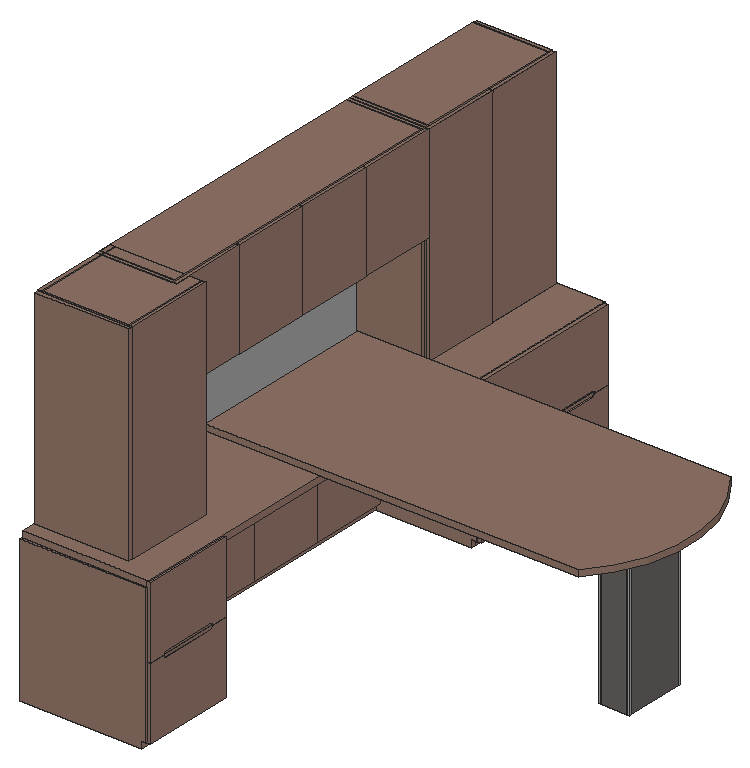
Revit family "T100041", category Furniture, Revit 2022
Family settings
  OmniClass Number = 23.40.20.00
  OmniClass Title = General Furniture and Specialties
  Work Plane-Based = No
  Always vertical = Yes
  Cut with Voids When Loaded = No
  Render Appearance Source = Family Geometry
  Shared = No
  Room Calculation Point = No
Parameters (values of type "T100344")
  URL = "https://ofs.com/"
  Model = "T100344"
  Manufacturer = "OFS"
  Description = "OFS TYPICAL T100344"
  Default Elevation = 0.00"
  Copyright © = "©OFS 2021"
  Catalog = "https://ofs.com/2020-experience"
  Authoring Version = "Autodesk Revit Architecture 2015"
  Assembly Code = "E2020400"
Reference planes (in)
  plane 1 "Center Front/Back": y = 0
  plane 2: z = 0
  plane 3 "Center Left/Right": x = 0
Dimensions and locks (in)
  nested 5 to nested 3 = 60.0625"
  aligned and locked: level to plane 2
Nested families (in)
  nested 1: "OFS_Slate Private Office_Storage_Modular_Cabinet" at (-39.1849, -58.68128, 0) x (0, 1, 0) z (0, 0, 1), type "OFS_Slate Private Office_Storage_Modular_Cabinet."
    with Top Cabinet OFS BRANDS Dark Wood, Width 108.00"
  nested 2: "OFS_Slate Private Office_Worksurface_Storage_Cabinet" at (-39.04283, -40.90945, 0), type "OFS_Slate Private Office_Worksurface_Storage_Cabinet 2"
    with Top OFS BRANDS Dark Wood, Panel OFS BRANDS Dark Wood, Elevation 29.25", Door OFS BRANDS Dark Wood, Case OFS BRANDS Dark Wood, Base OFS BRANDS Dark Wood, Back OFS BRANDS Dark Wood, Depth 18.00"
  nested 3: "OFS SLATE MODULAR PEDESTAL" at (-39.3773, -59.00622, 0) x (0, 1, 0) z (0, 0, 1), type "Modular Pedestal Center Pull"
    with Top OFS SLATE Dark Wood, Panel OFS SLATE Dark Wood, Mount Panel OFS SLATE Dark Wood, Glides OFS SLATE Black Plastic, Drawers OFS SLATE Dark Wood, Base OFS SLATE Dark Wood
  nested 4: "OFS_Slate Private Office_Storage_Modular_Lateral_File" at (-39.1849, 18.99377, 0) x (0, 1, 0) z (0, 0, 1), type "Lateral File"
    with Top OFS BRANDS Dark Wood, Panel OFS BRANDS Dark Wood, Mount Panel OFS BRANDS Dark Wood, Glides OFS BRANDS Black Plastic, Drawers OFS BRANDS Dark Wood, Base OFS BRANDS Dark Wood
  nested 5: "OFS_Slate Private Office_Worksurface_Storage_Cabinet" at (-39.1849, 18.99378, 0) x (0, 1, 0) z (0, 0, 1), type "OFS_Slate Private Office_Worksurface_Storage_Cabinet ."
    with Top OFS BRANDS Dark Wood, Panel OFS BRANDS Dark Wood, Elevation 29.25", Door OFS BRANDS Dark Wood, Case OFS BRANDS Dark Wood, Base OFS BRANDS Dark Wood, Back OFS BRANDS Dark Wood, Width 30.00", Single Door no, Left no, Double Doors yes
  nested 6: "OFS_Slate Private Office_TackBoard" at (-38.04068, -40.75622, 0) x (0, 1, 0) z (0, 0, 1), type "OFS_Slate Private Office_TackBoard"
    with Elevation 30.50", Board OFS BRANDS White Fabric
  nested 7: "OFS SLATE MODULAR ACCESS KNEESPACE SUPPORT PANEL" at (-43.97818, -29.00622, 0) x (0, 1, 0) z (0, 0, 1), type "MODULAR ACCESS KNEESPACE SUPPORT PANEL 4 Doors 60W"
    with Surface OFS SLATE Dark Wood
  nested 8: "OFS SLATE HIGHBACK ORGANIZER" at (-39.1849, -41.00622, 0) x (0, 1, 0) z (0, 0, 1), type "Highback Organizer 4 Doors 60W x 40H - 1 High"
    with Top OFS SLATE Dark Wood, Show Doors yes, Panel OFS SLATE Dark Wood, Elevation 29.25", Doors OFS SLATE Dark Wood, Center Doors no, Base Panel OFS SLATE Dark Wood, Base OFS SLATE Dark Wood, Back OFS SLATE Dark Wood
  nested 9: "OFS SLATE OVERLAY RUNOFF DESK POST" at (-38.04068, 17.93127, 0), type "Overlay Runoff Desk with Post Base 78W x 36D - Arc End Top"
    with Worksurface OFS Dark Wood, Column Edge OFS Metal, Column OFS Black Wood
Definition of nested family "OFS_Slate Private Office_Storage_Modular_Cabinet"
  Parameters (values of type "OFS_Slate Private Office_Storage_Modular_Cabinet")
    Width = 30.00"
    URL = "http://www.ofsbrands.com/"
    Description = "Type Catalog"
    Model = "Type Catalog"
    Manufacturer = "OFS BRANDS"  # constant formula
    Default Elevation = 0.00"
    Copyright © = "© 2016 OFS BRANDS"  # constant formula
    Catalog = "OFS"  # constant formula
    Authoring Version = "Autodesk Revit Architecture 2014"  # constant formula
    Assembly Code = "E2020200"
    Top Cabinet [instance] = none
  Reference planes (in)
    plane 1 "Center (Front/Back)": y = 0
    plane 2: z = 0
    plane 3 "Center (Left/Right)": x = 0
    plane 4 "rrr": through (-2.45771, -5.50063, 16.56517) normal (0.0223, 0.0194, 0.9996)
    plane 5: x = 30
    plane 6: y = -24
    plane 7: z = 29.25
    plane 8: z = 28.0625
    plane 9: x = 15
  Forms (in)
    Extrusion 1, solid, material <- "Top Cabinet"
      sketch origin (0, 0, 0) x (0, 1, 0) y (0, 0, 1)
        loop
          line (0, 29.25) -> (-24, 29.25) -> (-24, 28.0625) -> (0, 28.0625) -> (0, 29.25)
      from 0 to 30
  Lines and regions (in)
    Masking region 1
      outline origin (0, 0, 0) x (1, 0, 0) y (0, 1, 0)
        loop
          line (0, 0) -> (0, -24) -> (30, -24) -> (30, 0) -> (0, 0)
  Dimensions and locks (in)
    "Width": plane 3 "Center (Left/Right)" to plane 5
    locked: plane 7 to plane 8 at 1.1875
    equal spacing: plane 3 "Center (Left/Right)", plane 9, plane 5
    aligned and locked: level to plane 2
    aligned and locked: plane 7 to Extrusion 1 sketch curve
    aligned and locked: Extrusion 1 sketch curve to plane 6
    aligned and locked: plane 1 "Center (Front/Back)" to Extrusion 1 sketch curve
    aligned and locked: Extrusion 1 sketch curve to plane 8
    aligned and locked: Extrusion 1 to plane 3 "Center (Left/Right)"
    aligned and locked: Extrusion 1 to plane 5
    aligned and locked: plane 5 to Masking region 1 sketch curve
    aligned and locked: plane 1 "Center (Front/Back)" to Masking region 1 sketch curve
    aligned and locked: Masking region 1 sketch curve to plane 6
    aligned and locked: plane 3 "Center (Left/Right)" to Masking region 1 sketch curve
    aligned and locked: nested 1 to plane 6
    aligned and locked: nested 1 to plane 9
  Nested families (in)
    nested 1: "Tag" at (15, -24, 0) x (-1, 0, 0) z (0, 0, 1), type "Center", detail levels fine
      with Offset (LR) 0.00", Distance of Center (not Change) 0.11"
  Definition of nested family "Tag"
    Parameters
      P_Width = 0.00"
      Text_Width = "Empty"
      Text_Height = "Empty"
      Text_Diameter = "Empty"
      Text_Depth = "Empty"
      Offset (LR) [instance] = 0.00"
      Model Name = "EK-7168-E"
      P_Height = 0.00"
      Distance of Center (not Change) = 0.00"
      P_Diameter = 0.00"
      P_Depth = 0.00"
    Reference planes (in)
      plane 1: y = 0
      plane 2: x = 0
    Lines and regions (in)
      reference lines
        curve 1: line (-0.44359, 0, 0) -> (0.41085, 0, 0)
        curve 3: line (0, 0.32564, 0) -> (0, -0.40221, 0)
      reference lines, not visible
        curve 2: line (-0.44359, 0.09843, 0) -> (0.41085, 0.09843, 0)
        curve 4: line (0, 0.42407, 0) -> (0, -0.30379, 0)
    Text (in)
      label "Empty" at (0.00197, -0.0079, 0), shows "Model Name"
      label "Empty" at (0.00197, 0.09052, 0), shows "Model Name", not visible
    Dimensions and locks (in)
      "Distance of Center (not Change)": plane 1 to curve 1
      "Offset (LR)": curve 3 to plane 2
    Automatic sketch dimensions
      curve 1 to curve 3 = 0.44359"
      curve 3 to curve 1 = 0.41085"
      curve 3 to curve 1 = 0.40221"
      curve 1 to curve 3 = 0.32564"
      curve 2 to curve 4 = 0.44359"
      curve 4 to curve 2 = 0.41085"
      curve 4 to curve 2 = 0.40221"
      curve 2 to curve 4 = 0.32564"
Definition of nested family "OFS_Slate Private Office_Worksurface_Storage_Cabinet"
  Parameters (values of type "OFS_Slate Private Office_Worksurface_Storage_Cabinet")
    Width = 18.00"
    URL = "http://www.ofsbrands.com/"
    Top [instance] = none
    Single Door = yes
    Right = no
    Panel [instance] = none
    Model = "Type Catalog"
    Manufacturer = "OFS BRANDS"  # constant formula
    Left = yes
    Height = 40.00"
    Elevation [instance] = 29.25"
    Door [instance] = none
    Double Doors = no
    Doors = or(Double Doors, Left)  # yes
    Description = "Type Catalog"
    Depth = 15.00"
    Default Elevation = 0.00"
    Copyright © = "© 2016 OFS BRANDS"  # constant formula
    Catalog = "OFS"  # constant formula
    Case [instance] = none
    Base [instance] = none
    Back [instance] = none
    Authoring Version = "Autodesk Revit Architecture 2014"  # constant formula
    Assembly Code = "E2020200"
  Reference planes (in)
    plane 1 "Center (Front/Back)": y = 0
    plane 2: z = 0
    plane 3 "Center (Left/Right)": x = 0
    plane 4: x = 18
    plane 5: x = 9
    plane 6: z = 29.3125
    plane 7: z = 29.25
    plane 8: z = 68.6875
    plane 9: z = 30
    plane 10: z = 68.75
    plane 11: z = 68
    plane 12: z = 69.25
  Dimensions and locks (in)
    "Width": plane 3 "Center (Left/Right)" to plane 4
    equal spacing: plane 3 "Center (Left/Right)", plane 5, plane 4
    plane 12 to plane 10 to plane 8 to plane 11 = 0.50" locked, 0.0625" locked, 0.6875" locked
    plane 9 to plane 6 to plane 7 = 0.6875" locked, 0.0625" locked
    "Height": plane 12 to plane 7
    "Elevation": plane 7 to level
    equal spacing: nested 2, nested 4, plane 3 "Center (Left/Right)"
    aligned and locked: level to plane 2
    aligned and locked: nested 3 to nested 1
    aligned and locked: plane 5 to nested 3
    aligned and locked: nested 4 to nested 3
  Nested families (in)
    nested 1: "OFS_Slate Private Office_Worksurface_Storage_Cabinet" at (0, 0, 0), visible <- "Doors", Top <- "Top", Panel <- "Panel", Drawers <- "Door", Case <- "Case", Base <- "Base", Back <- "Back", Elevation <- "Elevation", Double Doors <- "Double Doors", Left <- "Left", type "OFS_Slate Private Office_Worksurface_Storage_Cabinet"
      with Top none, Single Door yes, Right no, Panel none, Left yes, Elevation 29.25", Drawers none, Double Doors no, Case none, Base none, Back none
    nested 2: "OFS_Slate Private Office_Worksurface_Storage_Cabinet" at (0, 0, 0) x (-1, 0, 0) z (0, 0, 1), visible <- "Right", Top <- "Top", Panel <- "Panel", Drawers <- "Door", Case <- "Case", Base <- "Base", Back <- "Back", Elevation <- "Elevation", type "OFS_Slate Private Office_Worksurface_Storage_Cabinet"
      with Top none, Single Door yes, Right no, Panel none, Left yes, Elevation 29.25", Drawers none, Double Doors no, Case none, Base none, Back none
    nested 3: "Tag" at (9, -18, 0) x (-1, 0, 0) z (0, 0, 1), visible <- "Doors", type "Center", detail levels fine
      with Offset (LR) 0.00"
    nested 4: "Tag" at (-9, -18, 0), visible <- "Right", type "Center", detail levels fine
      with Offset (LR) 0.00"
  Definition of nested family "OFS_Slate Private Office_Worksurface_Storage_Cabinet"
    Parameters
      Width = 18.00"
      URL = "http://www.ofsbrands.com/"
      Top [instance] = none
      Single Door [instance] = yes
      Right [instance] = no
      Panel [instance] = none
      Model = "Type Catalog"
      Manufacturer = "OFS BRANDS"  # constant formula
      Left [instance] = yes
      Height = 40.00"
      Elevation [instance] = 29.25"
      Drawers [instance] = none
      Double Doors [instance] = no
      Description = "Type Catalog"
      Depth = 15.00"
      Default Elevation = 0.00"
      Copyright © = "© 2016 OFS BRANDS"  # constant formula
      Catalog = "OFS"  # constant formula
      Case [instance] = none
      Base [instance] = none
      Back [instance] = none
      Authoring Version = "Autodesk Revit Architecture 2014"  # constant formula
      Assembly Code = "E2020200"
    Reference planes (in)
      plane 1 "Center (Front/Back)": y = 0
      plane 2: z = 0
      plane 3 "Center (Left/Right)": x = 0
      plane 4: x = 0.75
      plane 5: x = 17.25
      plane 6: x = 18
      plane 7: x = 17.9375
      plane 8: x = 0.0625
      plane 9: x = 9
      plane 10: y = -0.75
      plane 11: y = -18
      plane 12: y = -15.10681
      plane 13: y = -14.35681
      plane 14: y = -14.25
      plane 15: z = 29.3125
      plane 16: z = 29.25
      plane 17: z = 68.6875
      plane 18: z = 30
      plane 19: z = 68.75
      plane 20: z = 68
      plane 21: z = 69.25
      plane 22: y = -15
    Forms (in)
      Extrusion 1, solid, material <- "Case"
        sketch origin (0, 0, 0) x (1, 0, 0) y (0, 0, 1)
          loop
            line (0, 68.75) -> (0, 29.25) -> (0.75, 29.25) -> (0.75, 68.75) -> (0, 68.75)
          loop
            line (17.25, 68.75) -> (17.25, 29.25) -> (18, 29.25) -> (18, 68.75) -> (17.25, 68.75)
        from 0 to 14.25
      Extrusion 2, solid, material <- "Drawers", visible <- "Double Doors"
        sketch origin (-3.04745, -15.10681, 47.24409) x (-1, 0, 0) y (0, 0, 1)
          loop
            line (-11.98495, 21.44341) -> (-11.98495, -17.9316) -> (-3.10995, -17.9316) -> (-3.10995, 21.44341) -> (-11.98495, 21.44341)
          loop
            line (-12.10995, 21.44341) -> (-20.98495, 21.44341) -> (-20.98495, -17.9316) -> (-12.10995, -17.9316) -> (-12.10995, 21.44341)
        from 0 to 0.75
      Extrusion 3, solid, material <- "Drawers", visible <- "Single Door"
        sketch origin (-3.04745, -15.10681, 47.24409) x (-1, 0, 0) y (0, 0, 1)
          loop
            line (-3.10995, 21.44341) -> (-20.98495, 21.44341) -> (-20.98495, -17.9316) -> (-3.10995, -17.9316) -> (-3.10995, 21.44341)
        from 0 to 0.75
      Extrusion 4, solid, material <- "Back"
        sketch origin (59.59592, -60, 29.25) x (0, -1, 0) y (-1, 0, 0)
          loop
            line (-60, 58.84592) -> (-60, 42.34592) -> (-59.25, 42.34592) -> (-59.25, 58.84592) -> (-60, 58.84592)
        from 0 to -38.75
      Extrusion 5, solid, material <- "Top"
        sketch origin (-3.04745, -14.25, 47.24409) x (-1, 0, 0) y (0, 0, 1)
          loop
            line (-3.79745, 20.7559) -> (-3.79745, 21.5059) -> (-20.29745, 21.5059) -> (-20.29745, 20.7559) -> (-3.79745, 20.7559)
        from 0 to 14.25
      Extrusion 6, solid, material <- "Base"
        sketch origin (-3.04745, -14.25, 47.24409) x (-1, 0, 0) y (0, 0, 1)
          loop
            line (-3.79745, -17.24409) -> (-20.29745, -17.24409) -> (-20.29745, -17.99409) -> (-3.79745, -17.99409) -> (-3.79745, -17.24409)
        from 0 to 13.5
    Lines and regions (in)
      Masking region 1
        outline origin (-58.79662, -60, 68.75) x (-1, 0, 0) y (0, -1, 0)
          loop
            line (-58.79662, -60) -> (-58.79662, -44.89319) -> (-76.79662, -44.89319) -> (-76.79662, -60) -> (-58.79662, -60)
      symbolic lines, visible <- "Left", detail levels medium+fine
        curve 1: line (0, -15.10681, 68.75) -> (18, -18, 68.75)
        curve 3: line (18, -18, 68.75) -> (18, -15.10681, 68.75)
      symbolic lines, detail levels medium+fine
        curve 2: line (18, -15.10681, 68.75) -> (0, -15.10681, 68.75)
      symbolic lines, visible <- "Right", detail levels medium+fine
        curve 4: line (0, -18, 68.75) -> (18, -15.10681, 68.75)
        curve 5: line (0, -15.10681, 68.75) -> (0, -18, 68.75)
      symbolic lines, visible <- "Double Doors", detail levels medium+fine
        curve 6: line (0, -15.10681, 68.75) -> (9, -18, 68.75)
        curve 7: line (18, -15.10681, 68.75) -> (9, -18, 68.75)
    Dimensions and locks (in)
      locked: plane 10 to plane 1 "Center (Front/Back)" at 0.75
      plane 14 to plane 13 to plane 22 to plane 12 to plane 11 = 0.10681" locked, 0.64319" locked, 0.10681" locked, 2.89319" locked
      plane 3 "Center (Left/Right)" to plane 8 to plane 4 = 0.0625" locked, 0.6875" locked
      plane 5 to plane 7 to plane 6 = 0.6875" locked, 0.0625" locked
      "Width": plane 3 "Center (Left/Right)" to plane 6
      equal spacing: plane 3 "Center (Left/Right)", plane 9, plane 6
      plane 21 to plane 19 to plane 17 to plane 20 = 0.50" locked, 0.0625" locked, 0.6875" locked
      plane 18 to plane 15 to plane 16 = 0.6875" locked, 0.0625" locked
      "Height": plane 21 to plane 16
      "Elevation": plane 16 to level
      Extrusion 2 sketch curve to plane 9 to Extrusion 2 sketch curve = 0.0625" locked, 0.0625" locked
      "Depth": plane 1 "Center (Front/Back)" to plane 22
      aligned and locked: level to plane 2
      aligned and locked: Extrusion 1 sketch curve to plane 19  (x2)
      aligned and locked: plane 3 "Center (Left/Right)" to Extrusion 1 sketch curve
      aligned and locked: Extrusion 1 sketch curve to plane 16  (x2)
      aligned and locked: Extrusion 1 sketch curve to plane 4
      aligned and locked: Extrusion 1 sketch curve to plane 5
      aligned and locked: Extrusion 1 sketch curve to plane 6
      aligned and locked: Extrusion 1 to plane 14
      aligned and locked: Extrusion 2 sketch curve to plane 17
      aligned and locked: plane 15 to Extrusion 2 sketch curve
      aligned and locked: plane 17 to Extrusion 2 sketch curve
      aligned and locked: Extrusion 2 sketch curve to plane 15
      aligned and locked: Extrusion 2 sketch curve to plane 7
      aligned and locked: Extrusion 3 sketch curve to Extrusion 2  (x3)
      aligned and locked: Extrusion 3 sketch curve to plane 17
      aligned and locked: Extrusion 2 to plane 13
      aligned and locked: Extrusion 4 sketch curve to Extrusion 1
      aligned and locked: Extrusion 1 to Extrusion 4 sketch curve
      aligned and locked: plane 10 to Extrusion 4 sketch curve
      aligned and locked: plane 5 to Extrusion 4 sketch curve
      aligned and locked: Extrusion 4 to plane 20
      aligned and locked: Extrusion 5 sketch curve to Extrusion 4  (x2)
      aligned and locked: Extrusion 1 to Extrusion 5 sketch curve  (x2)
      aligned and locked: Extrusion 6 sketch curve to plane 18
      aligned and locked: Extrusion 6 sketch curve to plane 4
      aligned and locked: Extrusion 6 sketch curve to Extrusion 4
      aligned and locked: Extrusion 6 sketch curve to Extrusion 1
      aligned and locked: plane 10 to Extrusion 6
      aligned and locked: Extrusion 5 to plane 1 "Center (Front/Back)"
      aligned and locked: Extrusion 5 to plane 14
      aligned and locked: Masking region 1 sketch curve to Extrusion 1  (x3)
      aligned and locked: plane 12 to Masking region 1 sketch curve
      aligned and locked: plane 12 to curve 1
      aligned and locked: plane 11 to curve 1
      aligned and locked: curve 3 to plane 6
      aligned and locked: plane 12 to curve 4
      aligned and locked: curve 4 to plane 3 "Center (Left/Right)"
      aligned and locked: plane 11 to curve 4
      aligned and locked: Extrusion 3 to plane 13
      aligned and locked: curve 6 to plane 9
      aligned and locked: plane 3 "Center (Left/Right)" to curve 6
      aligned and locked: plane 6 to curve 7
    Automatic sketch dimensions
      Extrusion 2 sketch curve to plane 8 = 0.00"
      plane 11 to curve 6 = 0.00"
  Definition of nested family "Tag"
    Parameters
      P_Width = 0.00"
      Text_Width = "Empty"
      Text_Height = "Empty"
      Text_Diameter = "Empty"
      Text_Depth = "Empty"
      Offset (LR) [instance] = 0.00"
      Model Name = "Type Catalog"
      P_Height = 0.00"
      Distance of Center (not Change) = 0.10"
      P_Diameter = 0.00"
      P_Depth = 0.00"
    Reference planes (in)
      plane 1: y = 0
      plane 2: x = 0
    Lines and regions (in)
      reference lines
        curve 1: line (-0.44359, 0.1, 0) -> (0.41085, 0.1, 0)
        curve 3: line (0, 0.42564, 0) -> (0, -0.30221, 0)
      reference lines, not visible
        curve 2: line (-0.44359, 0.09843, 0) -> (0.41085, 0.09843, 0)
        curve 4: line (0, 0.42407, 0) -> (0, -0.30379, 0)
    Text (in)
      label "Empty" at (0.00197, 0.0921, 0), shows "Model Name"
      label "Empty" at (0.00197, 0.09052, 0), shows "Model Name", not visible
    Dimensions and locks (in)
      "Distance of Center (not Change)": plane 1 to curve 1
      "Offset (LR)": curve 3 to plane 2
    Automatic sketch dimensions
      curve 1 to curve 3 = 0.44359"
      curve 3 to curve 1 = 0.41085"
      curve 3 to curve 1 = 0.40221"
      curve 1 to curve 3 = 0.32564"
      curve 2 to curve 4 = 0.44359"
      curve 4 to curve 2 = 0.41085"
      curve 4 to curve 2 = 0.40221"
      curve 2 to curve 4 = 0.32564"
Definition of nested family "OFS SLATE MODULAR PEDESTAL"
  Parameters (values of type "Modular Pedestal Top Pull")
    URL = "http://www.ofs.com/"
    Type = 1
    Top [instance] = none
    Panel [instance] = none
    Mount Panel [instance] = none
    Model = "CA-1824MC-1"
    Manufacturer = "CAROLINA"
    Glides [instance] = none
    Drawers [instance] = none
    Description = "OFS SLATE Modular Pedestal Top Pull"
    Default Elevation = 0.00"
    Copyright © = "© 2019 OFS"
    Catalog = "https://ofs.com/products/tables/conference/slate"
    Base [instance] = none
    Authoring Version = "Autodesk Revit Architecture 2014"
    Assembly Code = "E2020200"
    Center Pull = or(Type = 2, Type = 4, Type = 6)  # no
    Top Pull = or(Type = 1, Type = 3, Type = 5)  # yes
  Types (2): name | Type | Model | Description | Center Pull | Top Pull
    Modular Pedestal Center Pull | 2 | "CA-1824MC-2" | "OFS SLATE Modular Pedestal Center Pull" | yes | no
    Modular Pedestal Top Pull | 1 | "CA-1824MC-1" | "OFS SLATE Modular Pedestal Top Pull" | no | yes
  Reference planes (in)
    plane 1 "Center (Front/Back)": y = 0
    plane 2: z = 0
    plane 3 "Center (Left/Right)": x = 0
    plane 4: z = 29.2
    plane 5: z = 28.0125
    plane 6: z = 27.2625
    plane 7: z = 14.45
    plane 8: z = 15.48125
    plane 9: z = 0.45
    plane 10: x = 17.9375
    plane 11: y = -24.83661
  Forms (in)
    Revolve 1, solid, material <- "Glides"
      sketch origin (1.39612, -1.00602, 47.24409) x (0, -1, 0) y (0, 0, 1)
        loop
          line (0.3731, -47.24409) -> (0.3731, -46.79409) -> (0.08442, -46.79409) -> (0.08442, -46.99165)
          arc (0.08442, -46.99165) -> (-0.00059, -47.13636) -> (0.1281, -47.24409) r 0.12988
          line (0.1281, -47.24409) -> (0.3731, -47.24409)
        axis (0.3731, -46.79409) -> (0.3731, -47.24409)
      angle from 0 to 360
    Extrusion 2, solid, material <- "Mount Panel"
      sketch origin (40.3125, 0, 0) x (1, 0, 0) y (0, 0, 1)
        loop
          line (-39.5625, 0.45) -> (-23.0625, 0.45) -> (-23.0625, 4.45) -> (-39.5625, 4.45) -> (-39.5625, 0.45)
      from 0.75 to 0
    Extrusion 3, solid, material <- "Mount Panel"
      sketch origin (40.3125, 0, 0) x (1, 0, 0) y (0, 0, 1)
        loop
          line (-39.5625, 24.0125) -> (-23.0625, 24.0125) -> (-23.0625, 28.0125) -> (-39.5625, 28.0125) -> (-39.5625, 24.0125)
      from 0.75 to 0
    Extrusion 4, void
      sketch origin (0, 0, 0) x (1, 0, 0) y (0, 0, 1)
        loop
          line (14.39288, 15.98125) -> (3.67828, 15.98125)
          arc (3.67828, 15.98125) -> (3.11697, 15.41999) -> (3.67819, 14.85862) r 0.56131
          line (3.67819, 14.85862) -> (14.39278, 14.85678)
          arc (14.39278, 14.85678) -> (14.95511, 15.41897) -> (14.39288, 15.98125) r 0.56224
      from 24.51989 to 28.22893
    Extrusion 5, solid, material <- "Base"
      sketch origin (-71.875, 0, 1.7) x (0, -1, 0) y (-1, 0, 0)
        loop
          line (16, -72.625) -> (16, -89.125) -> (20, -89.125) -> (20, -72.625) -> (16, -72.625)
      from -25.5625 to -26.3125
    Extrusion 6, solid, material <- "Base"
      sketch origin (-71.875, 0, 1.7) x (0, -1, 0) y (-1, 0, 0)
        loop
          line (4, -72.625) -> (4, -89.125) -> (8, -89.125) -> (8, -72.625) -> (4, -72.625)
      from -25.5625 to -26.3125
    Revolve 7, solid, material <- "Glides"
      sketch origin (1.39612, -21.38014, 47.24409) x (0, -1, 0) y (0, 0, 1)
        loop
          line (0.3731, -47.24409) -> (0.3731, -46.79409) -> (0.08442, -46.79409) -> (0.08442, -46.99165)
          arc (0.08442, -46.99165) -> (-0.00059, -47.13636) -> (0.1281, -47.24409) r 0.12988
          line (0.1281, -47.24409) -> (0.3731, -47.24409)
        axis (0.3731, -46.79409) -> (0.3731, -47.24409)
      angle from 0 to 360
    Extrusion 8, solid, material <- "Panel"
      sketch origin (-71.875, 0, 1.7) x (0, -1, 0) y (-1, 0, 0)
        loop
          line (0.75, -72.625) -> (0.75, -89.125) -> (23.0625, -89.125) -> (23.0625, -72.625) -> (0.75, -72.625)
      from 1.25 to -0.75
    Extrusion 9, solid, material <- "Panel"
      sketch origin (50, 0, 0) x (1, 0, 0) y (0, 0, 1)
        loop
          line (-32.75, 28.0125) -> (-32.75, 0.45) -> (-32.0625, 0.45) -> (-32.0625, 28.0125) -> (-32.75, 28.0125)
      from 23.9375 to 0
    Extrusion 10, solid, material <- "Drawers"
      sketch origin (118.00657, -24, -10.53379) x (1, 0, 0) y (0, 0, 1)
        loop
          line (-117.94407, 39.67129) -> (-117.94407, 26.01504) -> (-100.06907, 26.01504) -> (-100.06907, 39.67129) -> (-117.94407, 39.67129)
        loop
          line (-117.94407, 12.23379) -> (-100.06907, 12.23379) -> (-100.06907, 25.89004) -> (-117.94407, 25.89004) -> (-117.94407, 12.23379)
      from -0.0625 to 0.6875
    Extrusion 11, solid, material <- "Panel"
      sketch origin (50, 0, 0) x (1, 0, 0) y (0, 0, 1)
        loop
          line (-50, 28.0125) -> (-50, 0.45) -> (-49.25, 0.45) -> (-49.25, 28.0125) -> (-50, 28.0125)
      from 23.9375 to 0
    Extrusion 12, void
      sketch origin (0, 0, 23.03711) x (0, 0, 1) y (0, 1, 0)
        loop
          line (-22.58711, -23.0625) -> (-22.58711, -24) -> (-21.33711, -24) -> (-21.33711, -23.0625) -> (-22.58711, -23.0625)
      from -21.88085 to 3.15176
    Extrusion 13, solid, material <- "Drawers", visible <- "Top Pull"
      sketch origin (0, 0, 23.03711) x (0, 0, 1) y (0, 1, 0)
        loop
          line (-21.33711, -24.6875) -> (6.10039, -24.6875) -> (6.10039, -24.45475)
          arc (6.10039, -24.45475) -> (6.08587, -24.38174) -> (6.04451, -24.31984) r 0.19079
          line (6.04451, -24.31984) -> (5.66217, -23.9375) -> (-21.33711, -23.9375) -> (-21.33711, -24.6875)
      from -17.9375 to -0.0625
    Revolve 14, solid, material <- "Glides"
      sketch origin (16.60388, -1.00602, 47.24409) x (0, -1, 0) y (0, 0, 1)
        loop
          line (0.3731, -47.24409) -> (0.3731, -46.79409) -> (0.08442, -46.79409) -> (0.08442, -46.99165)
          arc (0.08442, -46.99165) -> (-0.00059, -47.13636) -> (0.1281, -47.24409) r 0.12988
          line (0.1281, -47.24409) -> (0.3731, -47.24409)
        axis (0.3731, -46.79409) -> (0.3731, -47.24409)
      angle from 0 to 360
    Revolve 15, solid, material <- "Glides"
      sketch origin (16.60388, -21.38014, 47.24409) x (0, -1, 0) y (0, 0, 1)
        loop
          line (0.3731, -47.24409) -> (0.3731, -46.79409) -> (0.08442, -46.79409) -> (0.08442, -46.99165)
          arc (0.08442, -46.99165) -> (-0.00059, -47.13636) -> (0.1281, -47.24409) r 0.12988
          line (0.1281, -47.24409) -> (0.3731, -47.24409)
        axis (0.3731, -46.79409) -> (0.3731, -47.24409)
      angle from 0 to 360
  Cuts and joins
    Extrusion 4 cuts Extrusion 10
    Extrusion 12 cuts Extrusion 9
    Extrusion 12 cuts Extrusion 11
    joined: Extrusion 8, Extrusion 9, Extrusion 11
  Lines and regions (in)
    Masking region 1
      outline origin (100, -50, 0) x (1, 0, 0) y (0, 1, 0)
        loop
          line (-82.0625, 50) -> (-100, 50) -> (-100, 25.16339) -> (-82.0625, 25.16339) -> (-82.0625, 50)
  Dimensions and locks (in)
    aligned and locked: level to plane 2
Definition of nested family "OFS_Slate Private Office_Storage_Modular_Lateral_File"
  Parameters (values of type "Lateral File")
    URL = "http://www.ofsbrands.com/"
    Type = 1
    Top [instance] = none
    Panel [instance] = none
    Mount Panel [instance] = none
    Model = "Type Catalog"
    Manufacturer = "OFS BRANDS"  # constant formula
    Glides [instance] = none
    Drawers [instance] = none
    Description = "Type Catalog"
    Default Elevation = 0.00"
    Copyright © = "© 2016 OFS BRANDS"  # constant formula
    Catalog = "OFS"  # constant formula
    CA-3657MLF4-2 = Type = 6  # no
    CA-3643MLF3-2 = Type = 4  # no
    CA-3624MFC-2 = Type = 2  # no
    CA-3057MLF4-2 = Type = 5  # no
    CA-3043MLF3-2 = Type = 3  # no
    CA-3024MFC-2 = Type = 1  # yes
    Base [instance] = none
    Authoring Version = "Autodesk Revit Architecture 2014"  # constant formula
    Assembly Code = "E2020200"
    36W = or(Type = 2, Type = 4, Type = 6)  # no
    30W = or(Type = 1, Type = 3, Type = 5)  # yes
  Reference planes (in)
    plane 1 "Center (Front/Back)": y = 0
    plane 2: z = 0
    plane 3 "Center (Left/Right)": x = 0
    plane 4: z = 29.2
    plane 5: z = 28.0125
    plane 6: z = 27.2625
    plane 7: z = 14.45
    plane 8: z = 15.48125
    plane 9: z = 0.45
    plane 10: x = 30
    plane 11: x = 36
    plane 12: y = -24.83661
  Forms (in)
    Revolve 1, solid, material <- "Glides"
      sketch origin (1.39612, -1.00602, 47.24409) x (0, -1, 0) y (0, 0, 1)
        loop
          line (0.3731, -47.24409) -> (0.3731, -46.79409) -> (0.08442, -46.79409) -> (0.08442, -46.99165)
          arc (0.08442, -46.99165) -> (-0.00059, -47.13636) -> (0.1281, -47.24409) r 0.12988
          line (0.1281, -47.24409) -> (0.3731, -47.24409)
        axis (0.3731, -46.79409) -> (0.3731, -47.24409)
      angle from 0 to 360
    Extrusion 2, solid, material <- "Mount Panel", visible <- "CA-3024MFC-2"
      sketch origin (40.3125, 0, 0) x (1, 0, 0) y (0, 0, 1)
        loop
          line (-39.5625, 0.45) -> (-11.0625, 0.45) -> (-11.0625, 4.45) -> (-39.5625, 4.45) -> (-39.5625, 0.45)
      from 0.75 to 0
    Extrusion 3, solid, material <- "Panel", visible <- "CA-3024MFC-2"
      sketch origin (0, 0, 0) x (1, 0, 0) y (0, 0, 1)
        loop
          line (29.25, 28.0125) -> (29.25, 0.45) -> (30, 0.45) -> (30, 28.0125) -> (29.25, 28.0125)
      from 24 to 0
    Extrusion 4, solid, material <- "Mount Panel", visible <- "CA-3024MFC-2"
      sketch origin (40.3125, 0, 0) x (1, 0, 0) y (0, 0, 1)
        loop
          line (-39.5625, 20.0125) -> (-11.0625, 20.0125) -> (-11.0625, 24.0125) -> (-39.5625, 24.0125) -> (-39.5625, 20.0125)
      from 0.75 to 0
    Extrusion 5, solid, material <- "Panel", visible <- "CA-3024MFC-2"
      sketch origin (0, 0, 0) x (1, 0, 0) y (0, 0, 1)
        loop
          line (0, 28.0125) -> (0, 0.45) -> (0.75, 0.45) -> (0.75, 28.0125) -> (0, 28.0125)
      from 24 to 0
    Extrusion 6, solid, material <- "Base", visible <- "CA-3024MFC-2"
      sketch origin (-71.875, 0, 1.7) x (0, -1, 0) y (-1, 0, 0)
        loop
          line (0.75, -72.625) -> (0.75, -101.125) -> (23.125, -101.125) -> (23.125, -72.625) -> (0.75, -72.625)
      from 1.25 to -0.75
    Extrusion 7, solid, material <- "Drawers", visible <- "CA-3024MFC-2"
      sketch origin (68.00657, -24, -10.53379) x (1, 0, 0) y (0, 0, 1)
        loop
          line (-67.87959, 39.67129) -> (-67.87959, 26.01504) -> (-38.00657, 26.01504) -> (-38.00657, 39.67129) -> (-67.87959, 39.67129)
        loop
          line (-67.87959, 12.23379) -> (-38.00657, 12.23379) -> (-38.00657, 25.89004) -> (-67.87959, 25.89004) -> (-67.87959, 12.23379)
      from 0.08661 to 0.83661
    Extrusion 8, void
      sketch origin (30, 0, 28.0125) x (0, 0, -1) y (0, 1, 0)
        loop
          line (27.5625, -23.125) -> (26.3125, -23.125) -> (26.3125, -24) -> (27.5625, -24) -> (27.5625, -23.125)
      from -30.72993 to 7.42396
    Extrusion 9, void
      sketch origin (0, 0, 0) x (1, 0, 0) y (0, 0, 1)
        loop
          line (26.44849, 15.98125) -> (3.67828, 15.98125)
          arc (3.67828, 15.98125) -> (3.11697, 15.41999) -> (3.67819, 14.85862) r 0.56131
          line (3.67819, 14.85862) -> (26.44839, 14.85471)
          arc (26.44839, 14.85471) -> (27.01176, 15.41793) -> (26.44849, 15.98125) r 0.56327
      from 24.51989 to 28.22893
    Extrusion 10, solid, material <- "Top", visible <- "CA-3024MFC-2"
      sketch origin (-71.875, 0, 1.7) x (0, -1, 0) y (-1, 0, 0)
        loop
          line (16, -72.625) -> (16, -101.125) -> (20, -101.125) -> (20, -72.625) -> (16, -72.625)
      from -25.5625 to -26.3125
    Extrusion 11, solid, material <- "Top", visible <- "CA-3024MFC-2"
      sketch origin (-71.875, 0, 1.7) x (0, -1, 0) y (-1, 0, 0)
        loop
          line (4, -72.625) -> (4, -101.125) -> (8, -101.125) -> (8, -72.625) -> (4, -72.625)
      from -25.5625 to -26.3125
    Revolve 12, solid, material <- "Glides", visible <- "30W"
      sketch origin (28.61432, -1.00602, 47.24409) x (0, -1, 0) y (0, 0, 1)
        loop
          line (0.3731, -47.24409) -> (0.3731, -46.79409) -> (0.08442, -46.79409) -> (0.08442, -46.99165)
          arc (0.08442, -46.99165) -> (-0.00059, -47.13636) -> (0.1281, -47.24409) r 0.12988
          line (0.1281, -47.24409) -> (0.3731, -47.24409)
        axis (0.3731, -46.79409) -> (0.3731, -47.24409)
      angle from 0 to 360
    Revolve 13, solid, material <- "Glides"
      sketch origin (1.39612, -21.38014, 47.24409) x (0, -1, 0) y (0, 0, 1)
        loop
          line (0.3731, -47.24409) -> (0.3731, -46.79409) -> (0.08442, -46.79409) -> (0.08442, -46.99165)
          arc (0.08442, -46.99165) -> (-0.00059, -47.13636) -> (0.1281, -47.24409) r 0.12988
          line (0.1281, -47.24409) -> (0.3731, -47.24409)
        axis (0.3731, -46.79409) -> (0.3731, -47.24409)
      angle from 0 to 360
    Revolve 14, solid, material <- "Glides", visible <- "30W"
      sketch origin (28.61432, -21.38014, 47.24409) x (0, -1, 0) y (0, 0, 1)
        loop
          line (0.3731, -47.24409) -> (0.3731, -46.79409) -> (0.08442, -46.79409) -> (0.08442, -46.99165)
          arc (0.08442, -46.99165) -> (-0.00059, -47.13636) -> (0.1281, -47.24409) r 0.12988
          line (0.1281, -47.24409) -> (0.3731, -47.24409)
        axis (0.3731, -46.79409) -> (0.3731, -47.24409)
      angle from 0 to 360
    Extrusion 15, void
      sketch origin (50, 0, 0) x (1, 0, 0) y (0, 0, 1)
        loop
          line (-17.54961, 15.98125) -> (-46.32172, 15.98125)
          arc (-46.32172, 15.98125) -> (-46.88303, 15.41999) -> (-46.32181, 14.85862) r 0.56131
          line (-46.32181, 14.85862) -> (-17.54971, 14.85368)
          arc (-17.54971, 14.85368) -> (-16.98582, 15.41742) -> (-17.54961, 15.98125) r 0.56379
      from 24.51989 to 28.22893
    Extrusion 16, void
      sketch origin (50, 0, 13.78125) x (1, 0, 0) y (0, 0, 1)
        loop
          line (-17.54961, 15.98125) -> (-46.32172, 15.98125)
          arc (-46.32172, 15.98125) -> (-46.88303, 15.41999) -> (-46.32181, 14.85862) r 0.56131
          line (-46.32181, 14.85862) -> (-17.54971, 14.85368)
          arc (-17.54971, 14.85368) -> (-16.98582, 15.41742) -> (-17.54961, 15.98125) r 0.56379
      from 24.51989 to 28.22893
    Extrusion 17, void
      sketch origin (100, 0, 0) x (1, 0, 0) y (0, 0, 1)
        loop
          line (-67.55685, 15.98125) -> (-96.32172, 15.98125)
          arc (-96.32172, 15.98125) -> (-96.88303, 15.41999) -> (-96.32181, 14.85862) r 0.56131
          line (-96.32181, 14.85862) -> (-67.55695, 14.85368)
          arc (-67.55695, 14.85368) -> (-66.99306, 15.41742) -> (-67.55685, 15.98125) r 0.56379
      from 24.51989 to 28.22893
    Extrusion 18, void
      sketch origin (-100, 0, 0) x (1, 0, 0) y (0, 0, 1)
        loop
          line (126.44341, 15.98125) -> (103.67828, 15.98125)
          arc (103.67828, 15.98125) -> (103.11697, 15.41999) -> (103.67819, 14.85862) r 0.56131
          line (103.67819, 14.85862) -> (126.44331, 14.85471)
          arc (126.44331, 14.85471) -> (127.00668, 15.41793) -> (126.44341, 15.98125) r 0.56327
      from 24.51989 to 28.22893
    Extrusion 19, void
      sketch origin (-100, 0, 13.78125) x (1, 0, 0) y (0, 0, 1)
        loop
          line (126.45284, 15.98125) -> (103.67828, 15.98125)
          arc (103.67828, 15.98125) -> (103.11697, 15.41999) -> (103.67819, 14.85862) r 0.56131
          line (103.67819, 14.85862) -> (126.45275, 14.85471)
          arc (126.45275, 14.85471) -> (127.01612, 15.41793) -> (126.45284, 15.98125) r 0.56327
      from 24.51989 to 28.22893
    Extrusion 20, void
      sketch origin (-50, 0, 0) x (1, 0, 0) y (0, 0, 1)
        loop
          line (76.44341, 15.98125) -> (53.67828, 15.98125)
          arc (53.67828, 15.98125) -> (53.11697, 15.41999) -> (53.67819, 14.85862) r 0.56131
          line (53.67819, 14.85862) -> (76.44331, 14.85471)
          arc (76.44331, 14.85471) -> (77.00668, 15.41793) -> (76.44341, 15.98125) r 0.56327
      from 24.51989 to 28.22893
    Extrusion 21, void
      sketch origin (-50, 0, 13.78125) x (1, 0, 0) y (0, 0, 1)
        loop
          line (76.45284, 15.98125) -> (53.67828, 15.98125)
          arc (53.67828, 15.98125) -> (53.11697, 15.41999) -> (53.67819, 14.85862) r 0.56131
          line (53.67819, 14.85862) -> (76.45275, 14.85471)
          arc (76.45275, 14.85471) -> (77.01612, 15.41793) -> (76.45284, 15.98125) r 0.56327
        loop
          line (76.45284, 29.76245) -> (53.67828, 29.76245)
          arc (53.67828, 29.76245) -> (53.11697, 29.20119) -> (53.67819, 28.63982) r 0.56131
          line (53.67819, 28.63982) -> (76.45275, 28.63591)
          arc (76.45275, 28.63591) -> (77.01612, 29.19913) -> (76.45284, 29.76245) r 0.56327
      from 24.51989 to 28.22893
    Extrusion 22, void
      sketch origin (150, 0, 0) x (1, 0, 0) y (0, 0, 1)
        loop
          line (-117.55659, 15.98125) -> (-146.25546, 15.98125)
          arc (-146.25546, 15.98125) -> (-146.88349, 15.45564) -> (-146.32181, 14.85966) r 0.56275
          line (-146.32181, 14.85966) -> (-117.55669, 14.85471)
          arc (-117.55669, 14.85471) -> (-116.99332, 15.41793) -> (-117.55659, 15.98125) r 0.56327
      from 24.51989 to 28.22893
    Extrusion 23, void
      sketch origin (150, 0, 13.78125) x (1, 0, 0) y (0, 0, 1)
        loop
          line (-117.55781, 15.98125) -> (-146.38797, 15.98125)
          arc (-146.38797, 15.98125) -> (-146.88349, 15.38928) -> (-146.32181, 14.85966) r 0.56275
          line (-146.32181, 14.85966) -> (-117.55791, 14.85471)
          arc (-117.55791, 14.85471) -> (-116.99454, 15.41793) -> (-117.55781, 15.98125) r 0.56327
        loop
          line (-117.55032, 29.76245) -> (-146.32172, 29.76245)
          arc (-146.32172, 29.76245) -> (-146.88303, 29.20119) -> (-146.32181, 28.63982) r 0.56131
          line (-146.32181, 28.63982) -> (-117.55042, 28.63488)
          arc (-117.55042, 28.63488) -> (-116.98653, 29.19861) -> (-117.55032, 29.76245) r 0.56379
      from 24.51989 to 28.22893
    Revolve 24, solid, material <- "Glides", visible <- "36W"
      sketch origin (34.61432, -1.00602, 47.24409) x (0, -1, 0) y (0, 0, 1)
        loop
          line (0.3731, -47.24409) -> (0.3731, -46.79409) -> (0.08442, -46.79409) -> (0.08442, -46.99165)
          arc (0.08442, -46.99165) -> (-0.00059, -47.13636) -> (0.1281, -47.24409) r 0.12988
          line (0.1281, -47.24409) -> (0.3731, -47.24409)
        axis (0.3731, -46.79409) -> (0.3731, -47.24409)
      angle from 0 to 360
    Revolve 25, solid, material <- "Glides", visible <- "36W"
      sketch origin (34.58952, -21.37907, 47.24409) x (0, -1, 0) y (0, 0, 1)
        loop
          line (0.3731, -47.24409) -> (0.3731, -46.79409) -> (0.08442, -46.79409) -> (0.08442, -46.99165)
          arc (0.08442, -46.99165) -> (-0.00059, -47.13636) -> (0.1281, -47.24409) r 0.12988
          line (0.1281, -47.24409) -> (0.3731, -47.24409)
        axis (0.3731, -46.79409) -> (0.3731, -47.24409)
      angle from 0 to 360
    Extrusion 26, solid, material <- "Mount Panel", visible <- "CA-3057MLF4-2"
      sketch origin (40.3125, 0, 0) x (1, 0, 0) y (0, 0, 1)
        loop
          line (-39.5625, 0.45) -> (-11.0625, 0.45) -> (-11.0625, 4.45) -> (-39.5625, 4.45) -> (-39.5625, 0.45)
      from 0.75 to 0
    Extrusion 27, solid, material <- "Panel", visible <- "CA-3057MLF4-2"
      sketch origin (0, 0, 0) x (1, 0, 0) y (0, 0, 1)
        loop
          line (29.25, 55.57495) -> (29.25, 0.45) -> (30, 0.45) -> (30, 55.57495) -> (29.25, 55.57495)
      from 24 to 0
    Extrusion 28, solid, material <- "Mount Panel", visible <- "CA-3057MLF4-2"
      sketch origin (40.3125, 0, 0) x (1, 0, 0) y (0, 0, 1)
        loop
          line (-39.5625, 4.45) -> (-11.0625, 4.45) -> (-11.0625, 55.57495) -> (-39.5625, 55.57495) -> (-39.5625, 4.45)
      from 0.75 to 0
    Extrusion 29, solid, material <- "Panel", visible <- "CA-3057MLF4-2"
      sketch origin (0, 0, 0) x (1, 0, 0) y (0, 0, 1)
        loop
          line (0, 55.57495) -> (0, 0.45) -> (0.75, 0.45) -> (0.75, 55.57495) -> (0, 55.57495)
      from 24 to 0
    Extrusion 30, solid, material <- "Base", visible <- "CA-3057MLF4-2"
      sketch origin (-71.875, 0, 1.7) x (0, -1, 0) y (-1, 0, 0)
        loop
          line (0.75, -72.625) -> (0.75, -101.125) -> (23.125, -101.125) -> (23.125, -72.625) -> (0.75, -72.625)
      from 1.25 to -0.75
    Extrusion 31, solid, material <- "Top", visible <- "CA-3057MLF4-2"
      sketch origin (-71.875, 0, 1.7) x (0, -1, 0) y (-1, 0, 0)
        loop
          line (16, -72.625) -> (16, -101.125) -> (20, -101.125) -> (20, -72.625) -> (16, -72.625)
      from -53.12495 to -53.87495
    Extrusion 32, solid, material <- "Top", visible <- "CA-3057MLF4-2"
      sketch origin (-71.875, 0, 1.7) x (0, -1, 0) y (-1, 0, 0)
        loop
          line (4, -72.625) -> (4, -101.125) -> (8, -101.125) -> (8, -72.625) -> (4, -72.625)
      from -53.12495 to -53.87495
    Extrusion 33, solid, material <- "Drawers", visible <- "CA-3057MLF4-2"
      sketch origin (68.00657, -24, -10.53379) x (1, 0, 0) y (0, 0, 1)
        loop
          line (-67.87959, 39.67129) -> (-67.87959, 26.01504) -> (-38.00657, 26.01504) -> (-38.00657, 39.67129) -> (-67.87959, 39.67129)
        loop
          line (-67.87157, 12.23379) -> (-38.00657, 12.23379) -> (-38.00657, 25.89004) -> (-67.87157, 25.89004) -> (-67.87157, 12.23379)
        loop
          line (-38.00657, 39.79629) -> (-38.00657, 53.45254) -> (-67.88157, 53.45254) -> (-67.88157, 39.79629) -> (-38.00657, 39.79629)
        loop
          line (-38.00657, 67.23374) -> (-67.88157, 67.23374) -> (-67.88157, 53.5775) -> (-38.00657, 53.5775) -> (-38.00657, 67.23374)
      from 0.08661 to 0.83661
    Extrusion 34, solid, material <- "Panel", visible <- "CA-3043MLF3-2"
      sketch origin (0, 0, 0) x (1, 0, 0) y (0, 0, 1)
        loop
          line (29.25, 41.79375) -> (29.25, 0.45) -> (30, 0.45) -> (30, 41.79375) -> (29.25, 41.79375)
      from 24 to 0
    Extrusion 35, solid, material <- "Mount Panel", visible <- "CA-3043MLF3-2"
      sketch origin (40.3125, 0, 0) x (1, 0, 0) y (0, 0, 1)
        loop
          line (-39.5625, 4.45) -> (-11.0625, 4.45) -> (-11.0625, 41.79375) -> (-39.5625, 41.79375) -> (-39.5625, 4.45)
      from 0.75 to 0
    Extrusion 36, solid, material <- "Panel", visible <- "CA-3043MLF3-2"
      sketch origin (0, 0, 0) x (1, 0, 0) y (0, 0, 1)
        loop
          line (0, 41.79375) -> (0, 0.45) -> (0.75, 0.45) -> (0.75, 41.79375) -> (0, 41.79375)
      from 24 to 0
    Extrusion 37, solid, material <- "Drawers", visible <- "CA-3043MLF3-2"
      sketch origin (68.00657, -24, -10.53379) x (1, 0, 0) y (0, 0, 1)
        loop
          line (-67.87959, 39.67129) -> (-67.87959, 26.01504) -> (-38.00657, 26.01504) -> (-38.00657, 39.67129) -> (-67.87959, 39.67129)
        loop
          line (-67.87157, 12.23379) -> (-38.00657, 12.23379) -> (-38.00657, 25.89004) -> (-67.87157, 25.89004) -> (-67.87157, 12.23379)
        loop
          line (-38.00657, 39.79629) -> (-38.00657, 53.45254) -> (-67.88157, 53.45254) -> (-67.88157, 39.79629) -> (-38.00657, 39.79629)
      from 0.08661 to 0.83661
    Extrusion 38, solid, material <- "Top", visible <- "CA-3043MLF3-2"
      sketch origin (-71.875, 0, 1.7) x (0, -1, 0) y (-1, 0, 0)
        loop
          line (16, -72.625) -> (16, -101.125) -> (20, -101.125) -> (20, -72.625) -> (16, -72.625)
      from -39.34375 to -40.09375
    Extrusion 39, solid, material <- "Top", visible <- "CA-3043MLF3-2"
      sketch origin (-71.875, 0, 1.7) x (0, -1, 0) y (-1, 0, 0)
        loop
          line (4, -72.625) -> (4, -101.125) -> (8, -101.125) -> (8, -72.625) -> (4, -72.625)
      from -39.34375 to -40.09375
    Extrusion 40, solid, material <- "Mount Panel", visible <- "CA-3043MLF3-2"
      sketch origin (40.3125, 0, 0) x (1, 0, 0) y (0, 0, 1)
        loop
          line (-39.5625, 0.45) -> (-11.0625, 0.45) -> (-11.0625, 4.45) -> (-39.5625, 4.45) -> (-39.5625, 0.45)
      from 0.75 to 0
    Extrusion 41, solid, material <- "Base", visible <- "CA-3043MLF3-2"
      sketch origin (-71.875, 0, 1.7) x (0, -1, 0) y (-1, 0, 0)
        loop
          line (0.75, -72.625) -> (0.75, -101.125) -> (23.125, -101.125) -> (23.125, -72.625) -> (0.75, -72.625)
      from 1.25 to -0.75
    Extrusion 42, solid, material <- "Mount Panel", visible <- "CA-3643MLF3-2"
      sketch origin (40.3125, 0, 0) x (1, 0, 0) y (0, 0, 1)
        loop
          line (-39.5625, 0.45) -> (-5.0625, 0.45) -> (-5.0625, 4.45) -> (-39.5625, 4.45) -> (-39.5625, 0.45)
      from 0.75 to 0
    Extrusion 43, solid, material <- "Panel", visible <- "CA-3643MLF3-2"
      sketch origin (0, 0, 0) x (1, 0, 0) y (0, 0, 1)
        loop
          line (35.25, 41.79375) -> (35.25, 0.45) -> (36, 0.45) -> (36, 41.79375) -> (35.25, 41.79375)
      from 24 to 0
    Extrusion 44, solid, material <- "Mount Panel", visible <- "CA-3643MLF3-2"
      sketch origin (40.3125, 0, 0) x (1, 0, 0) y (0, 0, 1)
        loop
          line (-39.5625, 4.45) -> (-5.0625, 4.45) -> (-5.0625, 41.79375) -> (-39.5625, 41.79375) -> (-39.5625, 4.45)
      from 0.75 to 0
    Extrusion 45, solid, material <- "Panel", visible <- "CA-3643MLF3-2"
      sketch origin (0, 0, 0) x (1, 0, 0) y (0, 0, 1)
        loop
          line (0, 41.79375) -> (0, 0.45) -> (0.75, 0.45) -> (0.75, 41.79375) -> (0, 41.79375)
      from 24 to 0
    Extrusion 46, solid, material <- "Base", visible <- "CA-3643MLF3-2"
      sketch origin (-71.875, 0, 1.7) x (0, -1, 0) y (-1, 0, 0)
        loop
          line (0.75, -72.625) -> (0.75, -107.125) -> (23.125, -107.125) -> (23.125, -72.625) -> (0.75, -72.625)
      from 1.25 to -0.75
    Extrusion 47, solid, material <- "Drawers", visible <- "CA-3643MLF3-2"
      sketch origin (68.00657, -24, -10.53379) x (1, 0, 0) y (0, 0, 1)
        loop
          line (-67.87959, 39.67129) -> (-67.87959, 26.01504) -> (-32.00657, 26.01504) -> (-32.00657, 39.67129) -> (-67.87959, 39.67129)
        loop
          line (-67.87157, 12.23379) -> (-32.00657, 12.23379) -> (-32.00657, 25.89004) -> (-67.87157, 25.89004) -> (-67.87157, 12.23379)
        loop
          line (-32.00657, 39.79629) -> (-32.00657, 53.45254) -> (-67.88157, 53.45254) -> (-67.88157, 39.79629) -> (-32.00657, 39.79629)
      from 0.08661 to 0.83661
    Extrusion 48, solid, material <- "Top", visible <- "CA-3643MLF3-2"
      sketch origin (-71.875, 0, 1.7) x (0, -1, 0) y (-1, 0, 0)
        loop
          line (16, -72.625) -> (16, -107.125) -> (20, -107.125) -> (20, -72.625) -> (16, -72.625)
      from -39.34375 to -40.09375
    Extrusion 49, solid, material <- "Top", visible <- "CA-3643MLF3-2"
      sketch origin (-71.875, 0, 1.7) x (0, -1, 0) y (-1, 0, 0)
        loop
          line (4, -72.625) -> (4, -107.125) -> (8, -107.125) -> (8, -72.625) -> (4, -72.625)
      from -39.34375 to -40.09375
    Extrusion 50, solid, material <- "Mount Panel", visible <- "CA-3624MFC-2"
      sketch origin (40.3125, 0, 0) x (1, 0, 0) y (0, 0, 1)
        loop
          line (-39.5625, 0.45) -> (-5.0625, 0.45) -> (-5.0625, 4.45) -> (-39.5625, 4.45) -> (-39.5625, 0.45)
      from 0.75 to 0
    Extrusion 51, solid, material <- "Panel", visible <- "CA-3624MFC-2"
      sketch origin (0, 0, 0) x (1, 0, 0) y (0, 0, 1)
        loop
          line (35.25, 28.0125) -> (35.25, 0.45) -> (36, 0.45) -> (36, 28.0125) -> (35.25, 28.0125)
      from 24 to 0
    Extrusion 52, solid, material <- "Mount Panel", visible <- "CA-3624MFC-2"
      sketch origin (40.3125, 0, 0) x (1, 0, 0) y (0, 0, 1)
        loop
          line (-39.5625, 20.0125) -> (-5.0625, 20.0125) -> (-5.0625, 24.0125) -> (-39.5625, 24.0125) -> (-39.5625, 20.0125)
      from 0.75 to 0
    Extrusion 53, solid, material <- "Panel", visible <- "CA-3624MFC-2"
      sketch origin (0, 0, 0) x (1, 0, 0) y (0, 0, 1)
        loop
          line (0, 28.0125) -> (0, 0.45) -> (0.75, 0.45) -> (0.75, 28.0125) -> (0, 28.0125)
      from 24 to 0
    Extrusion 54, solid, material <- "Base", visible <- "CA-3624MFC-2"
      sketch origin (-71.875, 0, 1.7) x (0, -1, 0) y (-1, 0, 0)
        loop
          line (0.75, -72.625) -> (0.75, -107.125) -> (23.125, -107.125) -> (23.125, -72.625) -> (0.75, -72.625)
      from 1.25 to -0.75
    Extrusion 55, solid, material <- "Drawers", visible <- "CA-3624MFC-2"
      sketch origin (68.00657, -24, -10.53379) x (1, 0, 0) y (0, 0, 1)
        loop
          line (-67.87959, 39.67129) -> (-67.87959, 26.01504) -> (-32.00657, 26.01504) -> (-32.00657, 39.67129) -> (-67.87959, 39.67129)
        loop
          line (-67.87959, 12.23379) -> (-32.00657, 12.23379) -> (-32.00657, 25.89004) -> (-67.87959, 25.89004) -> (-67.87959, 12.23379)
      from 0.08661 to 0.83661
    Extrusion 56, solid, material <- "Top", visible <- "CA-3624MFC-2"
      sketch origin (-71.875, 0, 1.7) x (0, -1, 0) y (-1, 0, 0)
        loop
          line (16, -72.625) -> (16, -107.125) -> (20, -107.125) -> (20, -72.625) -> (16, -72.625)
      from -25.5625 to -26.3125
    Extrusion 57, solid, material <- "Top", visible <- "CA-3624MFC-2"
      sketch origin (-71.875, 0, 1.7) x (0, -1, 0) y (-1, 0, 0)
        loop
          line (4, -72.625) -> (4, -107.125) -> (8, -107.125) -> (8, -72.625) -> (4, -72.625)
      from -25.5625 to -26.3125
    Extrusion 58, solid, material <- "Mount Panel", visible <- "CA-3657MLF4-2"
      sketch origin (40.3125, 0, 0) x (1, 0, 0) y (0, 0, 1)
        loop
          line (-39.5625, 0.45) -> (-5.0625, 0.45) -> (-5.0625, 4.45) -> (-39.5625, 4.45) -> (-39.5625, 0.45)
      from 0.75 to 0
    Extrusion 59, solid, material <- "Panel", visible <- "CA-3657MLF4-2"
      sketch origin (0, 0, 0) x (1, 0, 0) y (0, 0, 1)
        loop
          line (35.25, 55.57495) -> (35.25, 0.45) -> (36, 0.45) -> (36, 55.57495) -> (35.25, 55.57495)
      from 24 to 0
    Extrusion 60, solid, material <- "Mount Panel", visible <- "CA-3657MLF4-2"
      sketch origin (40.3125, 0, 0) x (1, 0, 0) y (0, 0, 1)
        loop
          line (-39.5625, 4.45) -> (-5.0625, 4.45) -> (-5.0625, 55.57495) -> (-39.5625, 55.57495) -> (-39.5625, 4.45)
      from 0.75 to 0
    Extrusion 61, solid, material <- "Panel", visible <- "CA-3657MLF4-2"
      sketch origin (0, 0, 0) x (1, 0, 0) y (0, 0, 1)
        loop
          line (0, 55.57495) -> (0, 0.45) -> (0.75, 0.45) -> (0.75, 55.57495) -> (0, 55.57495)
      from 24 to 0
    Extrusion 62, solid, material <- "Base", visible <- "CA-3657MLF4-2"
      sketch origin (-71.875, 0, 1.7) x (0, -1, 0) y (-1, 0, 0)
        loop
          line (0.75, -72.625) -> (0.75, -107.125) -> (23.125, -107.125) -> (23.125, -72.625) -> (0.75, -72.625)
      from 1.25 to -0.75
    Extrusion 63, solid, material <- "Drawers", visible <- "CA-3657MLF4-2"
      sketch origin (68.00657, -24, -10.53379) x (1, 0, 0) y (0, 0, 1)
        loop
          line (-67.87959, 39.67129) -> (-67.87959, 26.01504) -> (-32.00657, 26.01504) -> (-32.00657, 39.67129) -> (-67.87959, 39.67129)
        loop
          line (-67.87157, 12.23379) -> (-32.00657, 12.23379) -> (-32.00657, 25.89004) -> (-67.87157, 25.89004) -> (-67.87157, 12.23379)
        loop
          line (-32.00657, 39.79629) -> (-32.00657, 53.45254) -> (-67.88157, 53.45254) -> (-67.88157, 39.79629) -> (-32.00657, 39.79629)
        loop
          line (-32.00657, 67.23374) -> (-67.88157, 67.23374) -> (-67.88157, 53.5775) -> (-32.00657, 53.5775) -> (-32.00657, 67.23374)
      from 0.08661 to 0.83661
    Extrusion 64, solid, material <- "Top", visible <- "CA-3657MLF4-2"
      sketch origin (-71.875, 0, 1.7) x (0, -1, 0) y (-1, 0, 0)
        loop
          line (16, -72.625) -> (16, -107.125) -> (20, -107.125) -> (20, -72.625) -> (16, -72.625)
      from -53.12495 to -53.87495
    Extrusion 65, solid, material <- "Top", visible <- "CA-3657MLF4-2"
      sketch origin (-71.875, 0, 1.7) x (0, -1, 0) y (-1, 0, 0)
        loop
          line (4, -72.625) -> (4, -107.125) -> (8, -107.125) -> (8, -72.625) -> (4, -72.625)
      from -53.12495 to -53.87495
  Cuts and joins
    Extrusion 8 cuts Extrusion 5
    Extrusion 8 cuts Extrusion 3
    Extrusion 9 cuts Extrusion 7
    Extrusion 8 cuts Extrusion 61
    Extrusion 8 cuts Extrusion 53
    Extrusion 8 cuts Extrusion 45
    Extrusion 8 cuts Extrusion 36
    Extrusion 8 cuts Extrusion 29
    Extrusion 8 cuts Extrusion 34
    Extrusion 8 cuts Extrusion 27
    Extrusion 8 cuts Extrusion 59
    Extrusion 8 cuts Extrusion 51
    Extrusion 8 cuts Extrusion 43
    Extrusion 22, Extrusion 23 cuts Extrusion 63
    Extrusion 16, Extrusion 17 cuts Extrusion 47
    Extrusion 15 cuts Extrusion 55
    Extrusion 18, Extrusion 21 cuts Extrusion 33
    Extrusion 19, Extrusion 20 cuts Extrusion 37
  Lines and regions (in)
    Masking region 1, visible <- "30W"
      outline origin (100, -50, 0) x (1, 0, 0) y (0, 1, 0)
        loop
          line (-70, 50) -> (-100, 50) -> (-100, 25.16339) -> (-70, 25.16339) -> (-70, 50)
    Masking region 2, visible <- "36W"
      outline origin (-50, -50, 0) x (1, 0, 0) y (0, 1, 0)
        loop
          line (50, 25.16339) -> (86, 25.16339) -> (86, 50) -> (50, 50) -> (50, 25.16339)
  Dimensions and locks (in)
    plane 3 "Center (Left/Right)" to plane 10 = 30.00"
    plane 3 "Center (Left/Right)" to plane 11 = 36.00"
    equal spacing: plane 3 "Center (Left/Right)", nested 1, plane 10
    equal spacing: plane 3 "Center (Left/Right)", nested 2, plane 11
    aligned and locked: level to plane 2
    aligned and locked: nested 2 to plane 12
    aligned and locked: nested 1 to plane 12
  Automatic sketch dimensions
    plane 9 to Revolve 1 sketch curve = 0.00"
    Revolve 1 sketch curve to level = 0.00"  (x2)
    Revolve 1 sketch curve to plane 1 "Center (Front/Back)" = 1.09044"
    Revolve 1 sketch curve to Revolve 1 sketch curve = 0.04296"
    Revolve 1 sketch curve to Revolve 1 sketch curve = 0.00072"
    Revolve 1 sketch curve to Revolve 1 sketch curve = 0.28868"
    Revolve 1 sketch curve to level = 0.12988"
    Revolve 1 sketch curve to Revolve 1 sketch curve = 0.00"
    level to Revolve 1 sketch curve = 0.06704"
    Extrusion 2 sketch curve to plane 9 = 0.00"
    plane 3 "Center (Left/Right)" to Extrusion 2 sketch curve = 0.75"
    Extrusion 2 sketch curve to plane 10 = 0.75"
    Extrusion 2 sketch curve to Extrusion 2 sketch curve = 4.00"
    Extrusion 3 sketch curve to plane 9 = 0.00"
    Extrusion 3 sketch curve to plane 5 = 0.00"
    Extrusion 3 sketch curve to plane 10 = 0.00"
    Extrusion 3 sketch curve to Extrusion 3 sketch curve = 0.75"
    plane 3 "Center (Left/Right)" to Extrusion 4 sketch curve = 0.75"
    Extrusion 4 sketch curve to plane 10 = 0.75"
    plane 8 to Extrusion 4 sketch curve = 4.53125"
    Extrusion 4 sketch curve to plane 6 = 3.25"
    Extrusion 5 sketch curve to plane 3 "Center (Left/Right)" = 0.00"
    Extrusion 5 sketch curve to plane 9 = 0.00"
    Extrusion 5 sketch curve to plane 5 = 0.00"
    plane 3 "Center (Left/Right)" to Extrusion 5 sketch curve = 0.75"
    plane 1 "Center (Front/Back)" to Extrusion 6 sketch curve = 0.75"
    plane 3 "Center (Left/Right)" to Extrusion 6 sketch curve = 0.75"
    Extrusion 6 sketch curve to plane 12 = 1.71161"
    Extrusion 6 sketch curve to plane 10 = 0.75"
    Extrusion 7 sketch curve to plane 10 = 0.00"  (x2)
    plane 8 to Extrusion 7 sketch curve = 0.00"
    plane 3 "Center (Left/Right)" to Extrusion 7 sketch curve = 0.12699"
    Extrusion 7 sketch curve to Extrusion 7 sketch curve = 0.00"
    Extrusion 7 sketch curve to plane 8 = 0.125"
    Extrusion 7 sketch curve to plane 9 = 1.25"
    Extrusion 7 sketch curve to plane 4 = 0.0625"
    Extrusion 8 sketch curve to Extrusion 3 = 0.00"  (x2)
    Extrusion 8 sketch curve to Extrusion 8 sketch curve = 1.25"
    Extrusion 3 to Extrusion 8 sketch curve = 0.875"
    Extrusion 9 sketch curve to plane 7 = 0.40862"
    plane 3 "Center (Left/Right)" to Extrusion 9 sketch curve = 3.67819"
    plane 8 to Extrusion 9 sketch curve = 0.50"
    Extrusion 9 sketch curve to Extrusion 9 sketch curve = 0.0001"
    Extrusion 9 sketch curve to plane 7 = 0.40471"
    Extrusion 9 sketch curve to plane 10 = 3.55161"
    Extrusion 9 sketch curve to plane 8 = 0.06327"
    Extrusion 10 sketch curve to plane 10 = 0.75"
    Extrusion 10 sketch curve to plane 12 = 8.83661"
    plane 3 "Center (Left/Right)" to Extrusion 10 sketch curve = 0.75"
    Extrusion 10 sketch curve to Extrusion 10 sketch curve = 4.00"
    Extrusion 11 sketch curve to plane 10 = 0.75"
    plane 1 "Center (Front/Back)" to Extrusion 11 sketch curve = 4.00"
    plane 3 "Center (Left/Right)" to Extrusion 11 sketch curve = 0.75"
    Extrusion 11 sketch curve to Extrusion 11 sketch curve = 4.00"
    plane 9 to Revolve 12 sketch curve = 0.00"
    Revolve 12 sketch curve to level = 0.00"  (x2)
    Revolve 12 sketch curve to plane 1 "Center (Front/Back)" = 1.09044"
    Revolve 12 sketch curve to Revolve 12 sketch curve = 0.04296"
    Revolve 12 sketch curve to Revolve 12 sketch curve = 0.00072"
    Revolve 12 sketch curve to Revolve 12 sketch curve = 0.28868"
    Revolve 12 sketch curve to level = 0.12988"
    Revolve 12 sketch curve to Revolve 12 sketch curve = 0.00"
    level to Revolve 12 sketch curve = 0.06704"
    plane 9 to Revolve 13 sketch curve = 0.00"
    Revolve 13 sketch curve to level = 0.00"  (x2)
    plane 12 to Revolve 13 sketch curve = 3.37205"
    Revolve 13 sketch curve to Revolve 13 sketch curve = 0.04296"
    Revolve 13 sketch curve to Revolve 13 sketch curve = 0.00072"
    Revolve 13 sketch curve to Revolve 13 sketch curve = 0.28868"
    Revolve 13 sketch curve to level = 0.12988"
    Revolve 13 sketch curve to Revolve 13 sketch curve = 0.00"
    level to Revolve 13 sketch curve = 0.06704"
